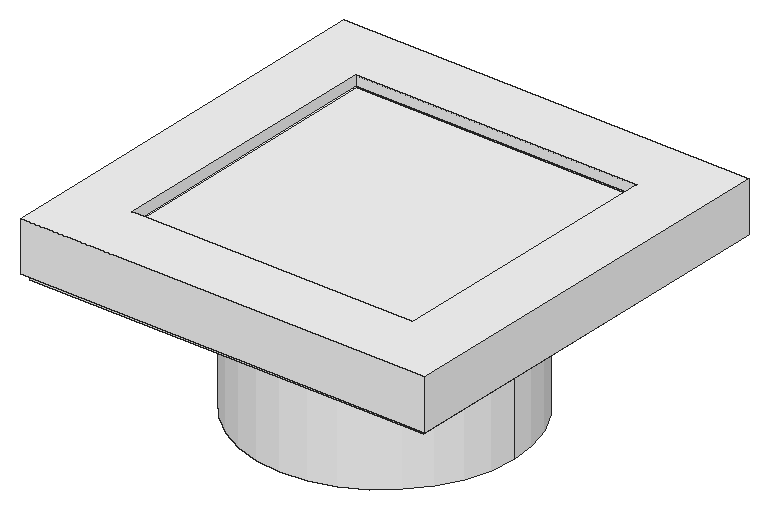
Revit family "Gira_012503", category Electrical Fixtures, host Face, Revit 2017
Family settings
  Host = Face
  Maintain Annotation Orientation = Yes
  Round Connector Dimension = Use Diameter
  Part Type = Normal
  Cut with Voids When Loaded = No
  Shared = No
  Room Calculation Point = No
Parameters (values of type "PB sw. series sw. System 55 p.white")
  With mounting plate = "No"
  Wiring system = "Series switch"
  White [instance] = White
  Washing machine switch = "No"
  URL = "http://katalog.gira.de/en/datenblatt.html?artikelnr=012503"
  Type of fastening = "Mounting with claw and screw"
  Surface protection = "Other"
  Surface finishing = "Glossy"
  Suitable for degree of protection (IP) = "IP20"
  Rated current = "10"
  RAL-number (akin) = "9010"
  Push button switch = "Yes"
  Number of rockers = "2"
  Number of modules (module system) = "1"
  Nominal voltage = "250"
  Name = "PB sw. series sw. System 55 p.white"
  Mounting method = "Flush mounted (plaster)"
  Model = ""
  Method of operation = "Rocker/button"
  Material quality = "Thermoplastic"
  Material = "Plastic"
  Manufacturer URL = "https://www.gira.de/"
  Manufacturer = "Gira"
  Label space/information surface = "No"
  Illumination = "No"
  HeinzeBIM = "https://bimportal.heinze.de/bim/pb-sw-series-sw-system-55-p-white/f8cb6729b5b56cfaa8d5e84be67f7750fc8109a6"
  Halogen free = "Yes"
  HAN = "012503"
  GTIN = "4010337125037"
  Feedback-signal contact = "No"
  Description = "PB sw.series Sys55 PW,Pushbutton switch, 10 AX 250 V~ with rocker, 2-gang,Series switch,pure white glossy,"
  Default Elevation = 1219.2 mm
  Data sheet (1) = "https://katalog.gira.de/en/download.html?artikelnr=012503"
  Connection type = "Plug clamp"
  Colour = "White"
  Category = "Switch"
  BIM (1) = "https://media.stage.bim.site/public/gira/36a6b08/Sys55_Komplettgerät_Schalten und Tasten.rfa?public/gira/36a6b08/Sys55_Komplettgerät_Schalten und Tasten.rfa"
  Available = "No"
  Assembly arrangement = "Basic element with central cover plate"
Reference planes
  plane 1 "Center (Front/Back)": y = 0
  plane 2: z = 0
  plane 3 "Center (Left/Right)": x = 0
Forms (mm)
  Extrusion 1, solid, material "White" <- "White", detail levels medium
    sketch origin (0, 0, 0) x (1, 0, 0) y (0, 1, 0)
      loop
        line (-40.4, 40.4) -> (-40.4, -40.4) -> (40.4, -40.4) -> (40.4, 40.4) -> (-40.4, 40.4)
      loop
        line (-28, 28) -> (-28, -28) -> (28, -28) -> (28, 28) -> (-28, 28)
    from 0 to 10
  Extrusion 2, solid, material "White" <- "White", detail levels fine
    sketch origin (0, 0, 0) x (1, 0, 0) y (0, 1, 0)
      loop
        line (-40.4, 40.4) -> (-40.4, -40.4) -> (40.4, -40.4) -> (40.4, 40.4) -> (-40.4, 40.4)
      loop
        line (-28, 28) -> (-28, -28) -> (28, -28) -> (28, 28) -> (-28, 28)
    from 0 to 10
  Extrusion 3, void
    sketch origin (0, 0, 0) x (1, 0, 0) y (0, 1, 0)
      loop
        line (-38.4, 38.4) -> (-38.4, -38.4) -> (38.4, -38.4) -> (38.4, 38.4) -> (-38.4, 38.4)
    from 0 to 8
  Extrusion 4, solid, material "White" <- "White", detail levels medium+fine
    sketch origin (0, 0, 0) x (1, 0, 0) y (0, 1, 0)
      loop
        line (-39.4, 39.4) -> (-39.4, -39.4) -> (39.4, -39.4) -> (39.4, 39.4) -> (-39.4, 39.4)
    from 0 to -1
  Extrusion 5, solid, material "White" <- "White", detail levels medium+fine
    sketch origin (0, 0, 0) x (1, 0, 0) y (0, 1, 0)
      loop
        line (-35.5, 35.5) -> (-35.5, -35.5) -> (35.5, -35.5) -> (35.5, 35.5) -> (-35.5, 35.5)
    from -2 to -3
  Extrusion 6, solid, material "White" <- "White", detail levels medium+fine
    sketch origin (0, 0, 0) x (1, 0, 0) y (0, 1, 0)
      loop
        circle (0, 0) r 26
    from 0 to -27.5
  Extrusion 7, solid, material "White" <- "White", detail levels coarse
    sketch origin (0, 0, 0) x (1, 0, 0) y (0, 1, 0)
      loop
        line (-40.4, 40.4) -> (-40.4, -40.4) -> (40.4, -40.4) -> (40.4, 40.4) -> (-40.4, 40.4)
    from -27.5 to 10
Cuts and joins
  Extrusion 3 cuts Extrusion 2
Dimensions and locks
  aligned and locked: plane 2 to host face
  aligned and locked: level to host face
  aligned and locked: plane 3 "Center (Left/Right)" to nested 2
  aligned and locked: plane 1 "Center (Front/Back)" to nested 2
Nested families
  nested 1: "Sys55_Abdeckung_Schalten und Tasten_floor_base" at (0, 0, 0), type "Sys55_Abdeckung_Schalten und Tasten_floor_base"
  nested 2: "Schalter" at (0, 0, 0), type "Schalter"
Connectors
  electrical at (0, 0, -27.5)
    settings: on Extrusion 6, index 1, voltage 220 V, apparent load 0 VA, apparent load phase1 0 VA, apparent load phase2 0 VA, apparent load phase3 0 VA, power factor 1, load classification "Other", number of poles 1, system type 30, power factor state 1, is connector primary yes, connector utility no, sub classification motor no, connector description ""
Definition of nested family "Sys55_Abdeckung_Schalten und Tasten_floor_base"
  Parameters
    Default Elevation = 1219.2 mm
    White [instance] = none
  Reference planes
    plane 1 "Center (Front/Back)": y = 0
    plane 2: z = 0
    plane 3 "Center (Left/Right)": x = 0
  Forms (mm)
    Extrusion 1, solid
      sketch origin (0, 0, 0) x (1, 0, 0) y (0, 1, 0)
        loop
          line (-1219.2, 1219.2) -> (-1219.2, -1219.2) -> (1219.2, -1219.2) -> (1219.2, 1219.2) -> (-1219.2, 1219.2)
      from 0 to -304.8
    Extrusion 2, solid, material <- "White", detail levels fine
      sketch origin (0, 0, 0) x (1, 0, 0) y (0, 1, 0)
        loop
          line (-27.5, 27.5) -> (-27.5, -27.5) -> (27.5, -27.5) -> (27.5, 27.5) -> (-27.5, 27.5)
      from 0 to 8
    Extrusion 3, void
      sketch origin (0, 0, 0) x (1, 0, 0) y (0, 1, 0)
        loop
          line (26, 26) -> (-26, 26) -> (-26, -26) -> (26, -26) -> (26, 26)
      from 0 to 6
    Extrusion 4, solid, material <- "White", detail levels medium
      sketch origin (0, 0, 0) x (1, 0, 0) y (0, 1, 0)
        loop
          line (-27.5, 27.5) -> (-27.5, -27.5) -> (27.5, -27.5) -> (27.5, 27.5) -> (-27.5, 27.5)
      from 0 to 8
    Extrusion 5, solid, material <- "White", detail levels medium
      sketch origin (0, 0, 0) x (1, 0, 0) y (0, 1, 0)
        loop
          line (11, -17.5) -> (11, 17.5) -> (-11, 17.5) -> (-11, -17.5) -> (11, -17.5)
      from -6 to 6
    Extrusion 6, solid, material <- "White", detail levels fine
      sketch origin (0, 0, 0) x (1, 0, 0) y (0, 1, 0)
        loop
          line (11, 17.5) -> (-11, 17.5) -> (-11, 16.5) -> (11, 16.5) -> (11, 17.5)
        loop
          line (-11, -16.5) -> (-11, -17.5) -> (11, -17.5) -> (11, -16.5) -> (-11, -16.5)
      from -4 to 6
    Extrusion 7, solid, material <- "White", detail levels fine
      sketch origin (0, 0, 0) x (1, 0, 0) y (0, 1, 0)
        loop
          arc (5, 9.347) -> (0, 10.6) -> (-5, 9.347) r 10.6
          line (-5, 9.347) -> (-5, -9.347)
          arc (-5, -9.347) -> (0, -10.6) -> (5, -9.347) r 10.6
          line (5, -9.347) -> (5, 9.347)
      from -6 to 6
    Extrusion 8, solid, material <- "White", detail levels coarse
      sketch origin (0, 0, 0) x (1, 0, 0) y (0, 1, 0)
        loop
          line (-27.5, 27.5) -> (-27.5, -27.5) -> (27.5, -27.5) -> (27.5, 27.5) -> (-27.5, 27.5)
      from -6 to 8
  Cuts and joins
    Extrusion 3 cuts Extrusion 2
  Dimensions and locks
    aligned and locked: plane 2 to Extrusion 1
    aligned and locked: level to Extrusion 1
Definition of nested family "Schalter"
  Reference planes
    plane 1: y = 0
    plane 2: x = 0
  Lines and regions (mm)
    detail lines
      curve 1: circle (1.375, 2.778, 0) r 0.8 normal (0, 0, 1)
      curve 2: line (1.021, 2.061, 0) -> (0, 0, 0)
      curve 3: line (0, 0, 0) -> (-0.538, 0.266, 0)
  Dimensions and locks
    curve 2 to curve 2 = 2.3 mm
    curve 3 to curve 2 = 0.6 mm
    radius of curve 1 = 0.8 mm
